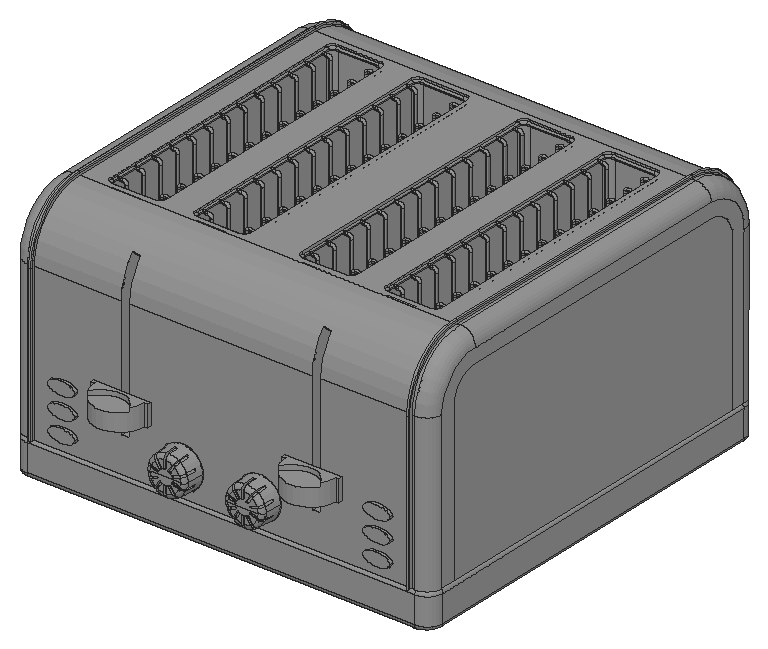
Revit family "Toaster", category Generic Models, Revit 2014
Parameters
  Toaster - Rack = Toaster - Rack
  Toaster - Controls = Toaster - Controls
  Toaster - Buttons = Toaster - Buttons
  Toaster - Base = Toaster - Base
  Toaster = Toaster
Reference planes
  plane 1 "Center (Front/Back)": y = 0
  plane 2: z = 0
  plane 3 "Center (Left/Right)": x = 0
  plane 4: z = 30
  plane 5: z = 5
Forms (mm)
  Extrusion 1, solid, material "Toaster" <- "Toaster"
    sketch origin (0, 0, 0) x (0, 1, 0) y (0, 0, 1)
      loop
        line (-144, 30) -> (144, 30) -> (144, 140)
        arc (144, 140) -> (132.284, 168.284) -> (104, 180) r 40
        line (104, 180) -> (-104, 180)
        arc (-104, 180) -> (-132.284, 168.284) -> (-144, 140) r 40
        line (-144, 140) -> (-144, 30)
    from 0 to 265
  Sweep 2, solid, material "Toaster" <- "Toaster"
    path in 3D
      loop
        line (0, -144, 30) -> (0, -144, 140)
        arc (0, -144, 140) -> (0, -132.284, 168.284) -> (0, -104, 180) r 40
        line (0, -104, 180) -> (0, 104, 180)
        arc (0, 104, 180) -> (0, 132.284, 168.284) -> (0, 144, 140) r 40
        line (0, 144, 140) -> (0, 144, 30)
    profile origin (0, 144, 85) x (-1, 0, 0) y (0, -1, 0)
      loop
        line (1.876, 0) -> (4.4, 0)
        arc (4.4, 0) -> (11.9, 3.107) -> (15.007, 10.607) r 10.607
        line (15.007, 10.607) -> (15.007, 20.607) -> (0, 20.607) -> (0, -1.011)
        arc (0, -1.011) -> (0.062, -1.577) -> (0.246, -2.117) r 2.611
        arc (0.246, -2.117) -> (0.938, -2.557) -> (1.63, -2.117) r 0.764
        arc (1.63, -2.117) -> (1.814, -1.577) -> (1.876, -1.011) r 2.611
        line (1.876, -1.011) -> (1.876, 0)
  Extrusion 3, solid, material "Toaster" <- "Toaster"
    sketch origin (0, 0, 0) x (0, 1, 0) y (0, 0, 1)
      loop
        arc (123.393, 140) -> (117.713, 153.713) -> (104, 159.393) r 19.393
        line (104, 159.393) -> (-104, 159.393)
        arc (-104, 159.393) -> (-117.713, 153.713) -> (-123.393, 140) r 19.393
        line (-123.393, 140) -> (-123.393, 30) -> (123.393, 30) -> (123.393, 140)
    from 0 to -15
  Sweep 4, solid, material "Toaster" <- "Toaster"
    path in 3D
      loop
        line (265, -144, 30) -> (265, -144, 140)
        arc (265, -144, 140) -> (265, -132.284, 168.284) -> (265, -104, 180) r 40
        line (265, -104, 180) -> (265, 104, 180)
        arc (265, 104, 180) -> (265, 132.284, 168.284) -> (265, 144, 140) r 40
        line (265, 144, 140) -> (265, 144, 30)
    profile origin (265, 144, 85) x (1, 0, 0) y (0, 1, 0)
      loop
        line (1.876, 0) -> (1.876, 1.011)
        arc (1.876, 1.011) -> (1.814, 1.577) -> (1.63, 2.117) r 2.611
        arc (1.63, 2.117) -> (0.938, 2.557) -> (0.246, 2.117) r 0.764
        arc (0.246, 2.117) -> (0.062, 1.577) -> (0, 1.011) r 2.611
        line (0, 1.011) -> (0, -20.607) -> (15.007, -20.607) -> (15.007, -10.607)
        arc (15.007, -10.607) -> (11.9, -3.107) -> (4.4, 0) r 10.607
        line (4.4, 0) -> (1.876, 0)
  Extrusion 5, solid, material "Toaster" <- "Toaster"
    sketch origin (265, 0, 0) x (0, 1, 0) y (0, 0, -1)
      loop
        line (123.393, -140) -> (123.393, -30) -> (-123.393, -30) -> (-123.393, -140)
        arc (-123.393, -140) -> (-117.713, -153.713) -> (-104, -159.393) r 19.393
        line (-104, -159.393) -> (104, -159.393)
        arc (104, -159.393) -> (117.713, -153.713) -> (123.393, -140) r 19.393
    from 0 to -15
  Sweep 6, solid, material "Toaster - Base" <- "Toaster - Base"
    path origin (0, 0, 0) x (1, 0, 0) y (0, 1, 0)
      loop
        arc (-4.4, 144) -> (-11.9, 140.893) -> (-15.007, 133.393) r 10.607
        line (-15.007, 133.393) -> (-15.007, -133.393)
        arc (-15.007, -133.393) -> (-11.9, -140.893) -> (-4.4, -144) r 10.607
        line (-4.4, -144) -> (269.4, -144)
        arc (269.4, -144) -> (277.031, -140.76) -> (280, -133.019) r 10.607
        line (280, -133.019) -> (280, 133.019)
        arc (280, 133.019) -> (277.031, 140.76) -> (269.4, 144) r 10.607
        line (269.4, 144) -> (-4.4, 144)
    profile origin (132.5, 144, 0) x (0, 1, 0) y (0, 0, 1)
      loop
        arc (-2.465, 5) -> (-0.722, 5.722) -> (0, 7.465) r 2.465
        line (0, 7.465) -> (0, 26.504)
        arc (0, 26.504) -> (-0.731, 28.269) -> (-2.496, 29) r 2.496
        line (-2.496, 29) -> (-5.607, 29) -> (-5.607, 5) -> (-2.465, 5)
  Extrusion 7, void
    sketch origin (0, 0, 0) x (1, 0, 0) y (0, 1, 0)
      loop
        line (15, 95) -> (15, -95)
        arc (15, -95) -> (16.464, -98.536) -> (20, -100) r 5
        line (20, -100) -> (50, -100)
        arc (50, -100) -> (53.536, -98.536) -> (55, -95) r 5
        line (55, -95) -> (55, 95)
        arc (55, 95) -> (53.536, 98.536) -> (50, 100) r 5
        line (50, 100) -> (20, 100)
        arc (20, 100) -> (16.464, 98.536) -> (15, 95) r 5
      loop
        line (75, 95) -> (75, -95)
        arc (75, -95) -> (76.464, -98.536) -> (80, -100) r 5
        line (80, -100) -> (110, -100)
        arc (110, -100) -> (113.536, -98.536) -> (115, -95) r 5
        line (115, -95) -> (115, 95)
        arc (115, 95) -> (113.536, 98.536) -> (110, 100) r 5
        line (110, 100) -> (80, 100)
        arc (80, 100) -> (76.464, 98.536) -> (75, 95) r 5
      loop
        arc (250, 95) -> (248.536, 98.536) -> (245, 100) r 5
        line (245, 100) -> (215, 100)
        arc (215, 100) -> (211.464, 98.536) -> (210, 95) r 5
        line (210, 95) -> (210, -95)
        arc (210, -95) -> (211.464, -98.536) -> (215, -100) r 5
        line (215, -100) -> (245, -100)
        arc (245, -100) -> (248.536, -98.536) -> (250, -95) r 5
        line (250, -95) -> (250, 95)
      loop
        arc (190, 95) -> (188.536, 98.536) -> (185, 100) r 5
        line (185, 100) -> (155, 100)
        arc (155, 100) -> (151.464, 98.536) -> (150, 95) r 5
        line (150, 95) -> (150, -95)
        arc (150, -95) -> (151.464, -98.536) -> (155, -100) r 5
        line (155, -100) -> (185, -100)
        arc (185, -100) -> (188.536, -98.536) -> (190, -95) r 5
        line (190, -95) -> (190, 95)
    from 60 to 190
  Sweep 8, solid, material "Toaster - Rack" <- "Toaster - Rack"
    path in 3D
      loop
        arc (15, 95, 180) -> (16.464, 98.536, 180) -> (20, 100, 180) r 5
        line (20, 100, 180) -> (50, 100, 180)
        arc (50, 100, 180) -> (53.536, 98.536, 180) -> (55, 95, 180) r 5
        line (55, 95, 180) -> (55, -95, 180)
        arc (55, -95, 180) -> (53.536, -98.536, 180) -> (50, -100, 180) r 5
        line (50, -100, 180) -> (20, -100, 180)
        arc (20, -100, 180) -> (16.464, -98.536, 180) -> (15, -95, 180) r 5
        line (15, -95, 180) -> (15, 95, 180)
    profile origin (15, 0, 180) x (-1, 0, 0) y (0, 0, 1)
      loop
        circle (-1.014, -2.027) r 1.014
  Sweep 9, solid, material "Toaster - Rack" <- "Toaster - Rack"
    path origin (0, 0, 0) x (1, 0, 0) y (0, 0, 1)
      loop
        line (16.49, 177.962) -> (20.5, 177.962)
        arc (20.5, 177.962) -> (21.914, 177.376) -> (22.5, 175.962) r 2
        line (22.5, 175.962) -> (22.5, 82.962)
        arc (22.5, 82.962) -> (23.964, 79.427) -> (27.5, 77.962) r 5
        line (27.5, 77.962) -> (42.5, 77.962)
        arc (42.5, 77.962) -> (46.036, 79.427) -> (47.5, 82.962) r 5
        line (47.5, 82.962) -> (47.5, 175.949)
        arc (47.5, 175.949) -> (48.09, 177.373) -> (49.513, 177.962) r 2.013
        line (49.513, 177.962) -> (53.538, 177.962)
    profile origin (18.495, 0, 177.962) x (0, 0, 1) y (0, -1, 0)
      loop
        circle (0, 0) r 0.859
  Sweep 10, solid, material "Toaster - Rack" <- "Toaster - Rack"
    path origin (0, -15.029, 0) x (1, 0, 0) y (0, 0, 1)
      loop
        line (16.49, 177.962) -> (20.5, 177.962)
        arc (20.5, 177.962) -> (21.914, 177.376) -> (22.5, 175.962) r 2
        line (22.5, 175.962) -> (22.5, 82.962)
        arc (22.5, 82.962) -> (23.964, 79.427) -> (27.5, 77.962) r 5
        line (27.5, 77.962) -> (42.5, 77.962)
        arc (42.5, 77.962) -> (46.036, 79.427) -> (47.5, 82.962) r 5
        line (47.5, 82.962) -> (47.5, 175.949)
        arc (47.5, 175.949) -> (48.09, 177.373) -> (49.513, 177.962) r 2.013
        line (49.513, 177.962) -> (53.538, 177.962)
    profile origin (18.495, -15.029, 177.962) x (0, 0, 1) y (0, -1, 0)
      loop
        circle (0, 0) r 0.859
  Sweep 11, solid, material "Toaster - Rack" <- "Toaster - Rack"
    path origin (0, -30.059, 0) x (1, 0, 0) y (0, 0, 1)
      loop
        line (16.49, 177.962) -> (20.5, 177.962)
        arc (20.5, 177.962) -> (21.914, 177.376) -> (22.5, 175.962) r 2
        line (22.5, 175.962) -> (22.5, 82.962)
        arc (22.5, 82.962) -> (23.964, 79.427) -> (27.5, 77.962) r 5
        line (27.5, 77.962) -> (42.5, 77.962)
        arc (42.5, 77.962) -> (46.036, 79.427) -> (47.5, 82.962) r 5
        line (47.5, 82.962) -> (47.5, 175.949)
        arc (47.5, 175.949) -> (48.09, 177.373) -> (49.513, 177.962) r 2.013
        line (49.513, 177.962) -> (53.538, 177.962)
    profile origin (18.495, -30.059, 177.962) x (0, 0, 1) y (0, -1, 0)
      loop
        circle (0, 0) r 0.859
  Sweep 12, solid, material "Toaster - Rack" <- "Toaster - Rack"
    path origin (0, -45.088, 0) x (1, 0, 0) y (0, 0, 1)
      loop
        line (16.49, 177.962) -> (20.5, 177.962)
        arc (20.5, 177.962) -> (21.914, 177.376) -> (22.5, 175.962) r 2
        line (22.5, 175.962) -> (22.5, 82.962)
        arc (22.5, 82.962) -> (23.964, 79.427) -> (27.5, 77.962) r 5
        line (27.5, 77.962) -> (42.5, 77.962)
        arc (42.5, 77.962) -> (46.036, 79.427) -> (47.5, 82.962) r 5
        line (47.5, 82.962) -> (47.5, 175.949)
        arc (47.5, 175.949) -> (48.09, 177.373) -> (49.513, 177.962) r 2.013
        line (49.513, 177.962) -> (53.538, 177.962)
    profile origin (18.495, -45.088, 177.962) x (0, 0, 1) y (0, -1, 0)
      loop
        circle (0, 0) r 0.859
  Sweep 13, solid, material "Toaster - Rack" <- "Toaster - Rack"
    path origin (0, -60.117, 0) x (1, 0, 0) y (0, 0, 1)
      loop
        line (16.49, 177.962) -> (20.5, 177.962)
        arc (20.5, 177.962) -> (21.914, 177.376) -> (22.5, 175.962) r 2
        line (22.5, 175.962) -> (22.5, 82.962)
        arc (22.5, 82.962) -> (23.964, 79.427) -> (27.5, 77.962) r 5
        line (27.5, 77.962) -> (42.5, 77.962)
        arc (42.5, 77.962) -> (46.036, 79.427) -> (47.5, 82.962) r 5
        line (47.5, 82.962) -> (47.5, 175.949)
        arc (47.5, 175.949) -> (48.09, 177.373) -> (49.513, 177.962) r 2.013
        line (49.513, 177.962) -> (53.538, 177.962)
    profile origin (18.495, -60.117, 177.962) x (0, 0, 1) y (0, -1, 0)
      loop
        circle (0, 0) r 0.859
  Sweep 14, solid, material "Toaster - Rack" <- "Toaster - Rack"
    path origin (0, -75.146, 0) x (1, 0, 0) y (0, 0, 1)
      loop
        line (16.49, 177.962) -> (20.5, 177.962)
        arc (20.5, 177.962) -> (21.914, 177.376) -> (22.5, 175.962) r 2
        line (22.5, 175.962) -> (22.5, 82.962)
        arc (22.5, 82.962) -> (23.964, 79.427) -> (27.5, 77.962) r 5
        line (27.5, 77.962) -> (42.5, 77.962)
        arc (42.5, 77.962) -> (46.036, 79.427) -> (47.5, 82.962) r 5
        line (47.5, 82.962) -> (47.5, 175.949)
        arc (47.5, 175.949) -> (48.09, 177.373) -> (49.513, 177.962) r 2.013
        line (49.513, 177.962) -> (53.538, 177.962)
    profile origin (18.495, -75.146, 177.962) x (0, 0, 1) y (0, -1, 0)
      loop
        circle (0, 0) r 0.859
  Sweep 15, solid, material "Toaster - Rack" <- "Toaster - Rack"
    path origin (0, -90.176, 0) x (1, 0, 0) y (0, 0, 1)
      loop
        line (16.49, 177.962) -> (20.5, 177.962)
        arc (20.5, 177.962) -> (21.914, 177.376) -> (22.5, 175.962) r 2
        line (22.5, 175.962) -> (22.5, 82.962)
        arc (22.5, 82.962) -> (23.964, 79.427) -> (27.5, 77.962) r 5
        line (27.5, 77.962) -> (42.5, 77.962)
        arc (42.5, 77.962) -> (46.036, 79.427) -> (47.5, 82.962) r 5
        line (47.5, 82.962) -> (47.5, 175.949)
        arc (47.5, 175.949) -> (48.09, 177.373) -> (49.513, 177.962) r 2.013
        line (49.513, 177.962) -> (53.538, 177.962)
    profile origin (18.495, -90.176, 177.962) x (0, 0, 1) y (0, -1, 0)
      loop
        circle (0, 0) r 0.859
  Sweep 16, solid, material "Toaster - Rack" <- "Toaster - Rack"
    path origin (0, 15.029, 0) x (1, 0, 0) y (0, 0, -1)
      loop
        line (16.49, -177.962) -> (20.5, -177.962)
        arc (20.5, -177.962) -> (21.914, -177.376) -> (22.5, -175.962) r 2
        line (22.5, -175.962) -> (22.5, -82.962)
        arc (22.5, -82.962) -> (23.964, -79.427) -> (27.5, -77.962) r 5
        line (27.5, -77.962) -> (42.5, -77.962)
        arc (42.5, -77.962) -> (46.036, -79.427) -> (47.5, -82.962) r 5
        line (47.5, -82.962) -> (47.5, -175.949)
        arc (47.5, -175.949) -> (48.09, -177.373) -> (49.513, -177.962) r 2.013
        line (49.513, -177.962) -> (53.538, -177.962)
    profile origin (18.495, 15.029, 177.962) x (0, 0, -1) y (0, 1, 0)
      loop
        circle (0, 0) r 0.859
  Sweep 17, solid, material "Toaster - Rack" <- "Toaster - Rack"
    path origin (0, 30.059, 0) x (1, 0, 0) y (0, 0, -1)
      loop
        line (16.49, -177.962) -> (20.5, -177.962)
        arc (20.5, -177.962) -> (21.914, -177.376) -> (22.5, -175.962) r 2
        line (22.5, -175.962) -> (22.5, -82.962)
        arc (22.5, -82.962) -> (23.964, -79.427) -> (27.5, -77.962) r 5
        line (27.5, -77.962) -> (42.5, -77.962)
        arc (42.5, -77.962) -> (46.036, -79.427) -> (47.5, -82.962) r 5
        line (47.5, -82.962) -> (47.5, -175.949)
        arc (47.5, -175.949) -> (48.09, -177.373) -> (49.513, -177.962) r 2.013
        line (49.513, -177.962) -> (53.538, -177.962)
    profile origin (18.495, 30.059, 177.962) x (0, 0, -1) y (0, 1, 0)
      loop
        circle (0, 0) r 0.859
  Sweep 18, solid, material "Toaster - Rack" <- "Toaster - Rack"
    path origin (0, 45.088, 0) x (1, 0, 0) y (0, 0, -1)
      loop
        line (16.49, -177.962) -> (20.5, -177.962)
        arc (20.5, -177.962) -> (21.914, -177.376) -> (22.5, -175.962) r 2
        line (22.5, -175.962) -> (22.5, -82.962)
        arc (22.5, -82.962) -> (23.964, -79.427) -> (27.5, -77.962) r 5
        line (27.5, -77.962) -> (42.5, -77.962)
        arc (42.5, -77.962) -> (46.036, -79.427) -> (47.5, -82.962) r 5
        line (47.5, -82.962) -> (47.5, -175.949)
        arc (47.5, -175.949) -> (48.09, -177.373) -> (49.513, -177.962) r 2.013
        line (49.513, -177.962) -> (53.538, -177.962)
    profile origin (18.495, 45.088, 177.962) x (0, 0, -1) y (0, 1, 0)
      loop
        circle (0, 0) r 0.859
  Sweep 19, solid, material "Toaster - Rack" <- "Toaster - Rack"
    path origin (0, 60.117, 0) x (1, 0, 0) y (0, 0, -1)
      loop
        line (16.49, -177.962) -> (20.5, -177.962)
        arc (20.5, -177.962) -> (21.914, -177.376) -> (22.5, -175.962) r 2
        line (22.5, -175.962) -> (22.5, -82.962)
        arc (22.5, -82.962) -> (23.964, -79.427) -> (27.5, -77.962) r 5
        line (27.5, -77.962) -> (42.5, -77.962)
        arc (42.5, -77.962) -> (46.036, -79.427) -> (47.5, -82.962) r 5
        line (47.5, -82.962) -> (47.5, -175.949)
        arc (47.5, -175.949) -> (48.09, -177.373) -> (49.513, -177.962) r 2.013
        line (49.513, -177.962) -> (53.538, -177.962)
    profile origin (18.495, 60.117, 177.962) x (0, 0, -1) y (0, 1, 0)
      loop
        circle (0, 0) r 0.859
  Sweep 20, solid, material "Toaster - Rack" <- "Toaster - Rack"
    path origin (0, 75.146, 0) x (1, 0, 0) y (0, 0, -1)
      loop
        line (16.49, -177.962) -> (20.5, -177.962)
        arc (20.5, -177.962) -> (21.914, -177.376) -> (22.5, -175.962) r 2
        line (22.5, -175.962) -> (22.5, -82.962)
        arc (22.5, -82.962) -> (23.964, -79.427) -> (27.5, -77.962) r 5
        line (27.5, -77.962) -> (42.5, -77.962)
        arc (42.5, -77.962) -> (46.036, -79.427) -> (47.5, -82.962) r 5
        line (47.5, -82.962) -> (47.5, -175.949)
        arc (47.5, -175.949) -> (48.09, -177.373) -> (49.513, -177.962) r 2.013
        line (49.513, -177.962) -> (53.538, -177.962)
    profile origin (18.495, 75.146, 177.962) x (0, 0, -1) y (0, 1, 0)
      loop
        circle (0, 0) r 0.859
  Sweep 21, solid, material "Toaster - Rack" <- "Toaster - Rack"
    path origin (0, 90.176, 0) x (1, 0, 0) y (0, 0, -1)
      loop
        line (16.49, -177.962) -> (20.5, -177.962)
        arc (20.5, -177.962) -> (21.914, -177.376) -> (22.5, -175.962) r 2
        line (22.5, -175.962) -> (22.5, -82.962)
        arc (22.5, -82.962) -> (23.964, -79.427) -> (27.5, -77.962) r 5
        line (27.5, -77.962) -> (42.5, -77.962)
        arc (42.5, -77.962) -> (46.036, -79.427) -> (47.5, -82.962) r 5
        line (47.5, -82.962) -> (47.5, -175.949)
        arc (47.5, -175.949) -> (48.09, -177.373) -> (49.513, -177.962) r 2.013
        line (49.513, -177.962) -> (53.538, -177.962)
    profile origin (18.495, 90.176, 177.962) x (0, 0, -1) y (0, 1, 0)
      loop
        circle (0, 0) r 0.859
  Sweep 22, solid, material "Toaster - Rack" <- "Toaster - Rack"
    path in 3D
      loop
        arc (75, 95, 180) -> (76.464, 98.536, 180) -> (80, 100, 180) r 5
        line (80, 100, 180) -> (110, 100, 180)
        arc (110, 100, 180) -> (113.536, 98.536, 180) -> (115, 95, 180) r 5
        line (115, 95, 180) -> (115, -95, 180)
        arc (115, -95, 180) -> (113.536, -98.536, 180) -> (110, -100, 180) r 5
        line (110, -100, 180) -> (80, -100, 180)
        arc (80, -100, 180) -> (76.464, -98.536, 180) -> (75, -95, 180) r 5
        line (75, -95, 180) -> (75, 95, 180)
    profile origin (75, 0, 180) x (-1, 0, 0) y (0, 0, 1)
      loop
        circle (-1.014, -2.027) r 1.014
  Sweep 23, solid, material "Toaster - Rack" <- "Toaster - Rack"
    path in 3D
      loop
        arc (150, 95, 180) -> (151.464, 98.536, 180) -> (155, 100, 180) r 5
        line (155, 100, 180) -> (185, 100, 180)
        arc (185, 100, 180) -> (188.536, 98.536, 180) -> (190, 95, 180) r 5
        line (190, 95, 180) -> (190, -95, 180)
        arc (190, -95, 180) -> (188.536, -98.536, 180) -> (185, -100, 180) r 5
        line (185, -100, 180) -> (155, -100, 180)
        arc (155, -100, 180) -> (151.464, -98.536, 180) -> (150, -95, 180) r 5
        line (150, -95, 180) -> (150, 95, 180)
    profile origin (150, 0, 180) x (-1, 0, 0) y (0, 0, 1)
      loop
        circle (-1.014, -2.027) r 1.014
  Sweep 24, solid, material "Toaster - Rack" <- "Toaster - Rack"
    path in 3D
      loop
        arc (210, 95, 180) -> (211.464, 98.536, 180) -> (215, 100, 180) r 5
        line (215, 100, 180) -> (245, 100, 180)
        arc (245, 100, 180) -> (248.536, 98.536, 180) -> (250, 95, 180) r 5
        line (250, 95, 180) -> (250, -95, 180)
        arc (250, -95, 180) -> (248.536, -98.536, 180) -> (245, -100, 180) r 5
        line (245, -100, 180) -> (215, -100, 180)
        arc (215, -100, 180) -> (211.464, -98.536, 180) -> (210, -95, 180) r 5
        line (210, -95, 180) -> (210, 95, 180)
    profile origin (210, 0, 180) x (-1, 0, 0) y (0, 0, 1)
      loop
        circle (-1.014, -2.027) r 1.014
  Extrusion 25, void
    sketch origin (65, 0, 0) x (0, 1, 0) y (0, 0, 1)
      loop
        line (-144, 140) -> (-144, 55) -> (-129, 55) -> (-129, 140)
        arc (-129, 140) -> (-127.403, 148.791) -> (-122.817, 156.459) r 25
        line (-122.817, 156.459) -> (-134.108, 166.335)
        arc (-134.108, 166.335) -> (-141.445, 154.066) -> (-144, 140) r 40
    from -3 to 3
  Extrusion 26, void
    sketch origin (200, 0, 0) x (0, 1, 0) y (0, 0, 1)
      loop
        line (-144, 140) -> (-144, 55) -> (-129, 55) -> (-129, 140)
        arc (-129, 140) -> (-127.403, 148.791) -> (-122.817, 156.459) r 25
        line (-122.817, 156.459) -> (-134.108, 166.335)
        arc (-134.108, 166.335) -> (-141.445, 154.066) -> (-144, 140) r 40
    from -3 to 3
  Extrusion 27, solid, material "Toaster - Controls" <- "Toaster - Controls"
    sketch origin (0.963, 5.606, 70) x (1, 0, 0) y (0, 1, 0)
      loop
        line (44.037, -152.617) -> (44.037, -155.072) -> (46.5, -155.072)
        arc (46.5, -155.072) -> (64.019, -172.591) -> (81.537, -155.072) r 17.519
        line (81.537, -155.072) -> (84.037, -155.072) -> (84.037, -152.617) -> (44.037, -152.617)
    from 0 to 15
  Extrusion 28, void
    sketch origin (0, 0, 0) x (1, 0, 0) y (0, 1, 0)
      loop
        arc (50.128, -158.755) -> (64.981, -166.985) -> (79.834, -158.755) r 17.519
        arc (79.834, -158.755) -> (64.981, -149.466) -> (50.128, -158.755) r 16.52
    from 82 to 85
  Extrusion 29, solid, material "Toaster - Controls" <- "Toaster - Controls"
    sketch origin (135.963, 5.606, 70) x (1, 0, 0) y (0, 1, 0)
      loop
        line (44.037, -152.617) -> (44.037, -155.072) -> (46.5, -155.072)
        arc (46.5, -155.072) -> (64.019, -172.591) -> (81.537, -155.072) r 17.519
        line (81.537, -155.072) -> (84.037, -155.072) -> (84.037, -152.617) -> (44.037, -152.617)
    from 0 to 15
  Extrusion 30, void
    sketch origin (135, 0, 0) x (1, 0, 0) y (0, 1, 0)
      loop
        arc (50.128, -158.755) -> (64.981, -166.985) -> (79.834, -158.755) r 17.519
        arc (79.834, -158.755) -> (64.981, -149.466) -> (50.128, -158.755) r 16.52
    from 82 to 85
  Sweep 31, solid, material "Toaster - Controls" <- "Toaster - Controls"
    path origin (65, 0, 0) x (0, 1, 0) y (0, 0, 1)
      loop
        line (-147.011, 77.5) -> (-132.011, 77.5)
    profile origin (65, -139.511, 77.5) x (0, 0, 1) y (1, 0, 0)
      loop
        circle (0, 0) r 2
  Sweep 32, solid, material "Toaster - Controls" <- "Toaster - Controls"
    path origin (200, 0, 0) x (0, 1, 0) y (0, 0, 1)
      loop
        line (-147.011, 77.5) -> (-132.011, 77.5)
    profile origin (200, -139.511, 77.5) x (0, 0, 1) y (1, 0, 0)
      loop
        circle (0, 0) r 2
  Extrusion 33, void
    sketch origin (0, 0, 0) x (1, 0, 0) y (0, 0, 1)
      loop
        circle (104.993, 50) r 15
    from 123.393 to 144
  Extrusion 34, void
    sketch origin (265, 0, 0) x (-1, 0, 0) y (0, 0, -1)
      loop
        circle (104.993, -50) r 15
    from 123.393 to 144
  Revolve 35, solid, material "Toaster - Controls" <- "Toaster - Controls"
    sketch origin (0, 0, 50) x (1, 0, 0) y (0, 1, 0)
      loop
        line (90.493, -124) -> (90.493, -144) -> (91.348, -156.217)
        arc (91.348, -156.217) -> (92.279, -158.17) -> (94.293, -158.963) r 2.953
        line (94.293, -158.963) -> (104.993, -158.963) -> (104.993, -124) -> (90.493, -124)
      axis (104.993, -124) -> (104.993, -158.963)
    angle from 0 to 360
  Extrusion 36, void
    sketch origin (0, 0, 0) x (0, 1, 0) y (0, 0, 1)
      loop
        line (-148.988, 63.568) -> (-148.988, 65.138) -> (-160.029, 65.138) -> (-160.029, 55) -> (-158.382, 55) -> (-157.772, 59.969)
        arc (-157.772, 59.969) -> (-156.954, 61.686) -> (-155.268, 62.566) r 3
        line (-155.268, 62.566) -> (-148.988, 63.568)
    from 104 to 106
  Extrusion 37, void
    sketch origin (47.667, 0, 151.179) x (0, 1, 0) y (0.573576, 0, 0.819152)
      loop
        line (-148.988, -63.568) -> (-155.268, -62.566)
        arc (-155.268, -62.566) -> (-156.954, -61.686) -> (-157.772, -59.969) r 3
        line (-157.772, -59.969) -> (-158.382, -55) -> (-160.029, -55) -> (-160.029, -65.138) -> (-148.988, -65.138) -> (-148.988, -63.568)
    from 104 to 106
  Extrusion 38, void
    sketch origin (162.32, 0, 151.179) x (0, 1, 0) y (0.573576, 0, -0.819152)
      loop
        line (-148.988, 63.568) -> (-148.988, 65.138) -> (-160.029, 65.138) -> (-160.029, 55) -> (-158.382, 55) -> (-157.772, 59.969)
        arc (-157.772, 59.969) -> (-156.954, 61.686) -> (-155.268, 62.566) r 3
        line (-155.268, 62.566) -> (-148.988, 63.568)
    from 104 to 106
  Extrusion 39, void
    sketch origin (0, 0, 100) x (0, 1, 0) y (0, 0, 1)
      loop
        line (-148.988, -63.568) -> (-155.268, -62.566)
        arc (-155.268, -62.566) -> (-156.954, -61.686) -> (-157.772, -59.969) r 3
        line (-157.772, -59.969) -> (-158.382, -55) -> (-160.029, -55) -> (-160.029, -65.138) -> (-148.988, -65.138) -> (-148.988, -63.568)
    from 104 to 106
  Extrusion 40, void
    sketch origin (116.068, 0, -65.763) x (0, 1, 0) y (-0.939693, 0, 0.34202)
      loop
        line (-148.988, 63.568) -> (-148.988, 65.138) -> (-160.029, 65.138) -> (-160.029, 55) -> (-158.382, 55) -> (-157.772, 59.969)
        arc (-157.772, 59.969) -> (-156.954, 61.686) -> (-155.268, 62.566) r 3
        line (-155.268, 62.566) -> (-148.988, 63.568)
    from 104 to 106
  Extrusion 41, void
    sketch origin (162.32, 0, -51.179) x (0, 1, 0) y (-0.573576, 0, -0.819152)
      loop
        line (-148.988, -63.568) -> (-155.268, -62.566)
        arc (-155.268, -62.566) -> (-156.954, -61.686) -> (-157.772, -59.969) r 3
        line (-157.772, -59.969) -> (-158.382, -55) -> (-160.029, -55) -> (-160.029, -65.138) -> (-148.988, -65.138) -> (-148.988, -63.568)
    from 104 to 106
  Extrusion 42, void
    sketch origin (47.667, 0, -51.179) x (0, 1, 0) y (-0.573576, 0, 0.819152)
      loop
        line (-148.988, 63.568) -> (-148.988, 65.138) -> (-160.029, 65.138) -> (-160.029, 55) -> (-158.382, 55) -> (-157.772, 59.969)
        arc (-157.772, 59.969) -> (-156.954, 61.686) -> (-155.268, 62.566) r 3
        line (-155.268, 62.566) -> (-148.988, 63.568)
    from 104 to 106
  Extrusion 43, void
    sketch origin (93.919, 0, -65.763) x (0, 1, 0) y (-0.939693, 0, -0.34202)
      loop
        line (-148.988, -63.568) -> (-155.268, -62.566)
        arc (-155.268, -62.566) -> (-156.954, -61.686) -> (-157.772, -59.969) r 3
        line (-157.772, -59.969) -> (-158.382, -55) -> (-160.029, -55) -> (-160.029, -65.138) -> (-148.988, -65.138) -> (-148.988, -63.568)
    from 104 to 106
  Extrusion 44, void
    sketch origin (116.068, 0, 165.763) x (0, 1, 0) y (0.939693, 0, 0.34202)
      loop
        line (-148.988, -63.568) -> (-155.268, -62.566)
        arc (-155.268, -62.566) -> (-156.954, -61.686) -> (-157.772, -59.969) r 3
        line (-157.772, -59.969) -> (-158.382, -55) -> (-160.029, -55) -> (-160.029, -65.138) -> (-148.988, -65.138) -> (-148.988, -63.568)
    from 104 to 106
  Extrusion 45, void
    sketch origin (93.919, 0, 165.763) x (0, 1, 0) y (0.939693, 0, -0.34202)
      loop
        line (-148.988, 63.568) -> (-148.988, 65.138) -> (-160.029, 65.138) -> (-160.029, 55) -> (-158.382, 55) -> (-157.772, 59.969)
        arc (-157.772, 59.969) -> (-156.954, 61.686) -> (-155.268, 62.566) r 3
        line (-155.268, 62.566) -> (-148.988, 63.568)
    from 104 to 106
  Revolve 46, solid, material "Toaster - Controls" <- "Toaster - Controls"
    sketch origin (55.013, 0, 50) x (1, 0, 0) y (0, 1, 0)
      loop
        line (90.493, -124) -> (90.493, -144) -> (91.348, -156.217)
        arc (91.348, -156.217) -> (92.279, -158.17) -> (94.293, -158.963) r 2.953
        line (94.293, -158.963) -> (104.993, -158.963) -> (104.993, -124) -> (90.493, -124)
      axis (104.993, -124) -> (104.993, -158.963)
    angle from 0 to 360
  Extrusion 47, void
    sketch origin (55.013, 0, 0) x (0, 1, 0) y (0, 0, 1)
      loop
        line (-148.988, 63.568) -> (-148.988, 65.138) -> (-160.029, 65.138) -> (-160.029, 55) -> (-158.382, 55) -> (-157.772, 59.969)
        arc (-157.772, 59.969) -> (-156.954, 61.686) -> (-155.268, 62.566) r 3
        line (-155.268, 62.566) -> (-148.988, 63.568)
    from 104 to 106
  Extrusion 48, void
    sketch origin (217.333, 0, 151.179) x (0, 1, 0) y (0.573576, 0, -0.819152)
      loop
        line (-148.988, 63.568) -> (-148.988, 65.138) -> (-160.029, 65.138) -> (-160.029, 55) -> (-158.382, 55) -> (-157.772, 59.969)
        arc (-157.772, 59.969) -> (-156.954, 61.686) -> (-155.268, 62.566) r 3
        line (-155.268, 62.566) -> (-148.988, 63.568)
    from 104 to 106
  Extrusion 49, void
    sketch origin (242.906, 0, -31.573) x (0, 1, 0) y (-0.939693, 0, -0.34202)
      loop
        line (-148.988, 63.568) -> (-148.988, 65.138) -> (-160.029, 65.138) -> (-160.029, 55) -> (-158.382, 55) -> (-157.772, 59.969)
        arc (-157.772, 59.969) -> (-156.954, 61.686) -> (-155.268, 62.566) r 3
        line (-155.268, 62.566) -> (-148.988, 63.568)
    from 104 to 106
  Extrusion 50, void
    sketch origin (171.081, 0, -65.763) x (0, 1, 0) y (-0.939693, 0, 0.34202)
      loop
        line (-148.988, 63.568) -> (-148.988, 65.138) -> (-160.029, 65.138) -> (-160.029, 55) -> (-158.382, 55) -> (-157.772, 59.969)
        arc (-157.772, 59.969) -> (-156.954, 61.686) -> (-155.268, 62.566) r 3
        line (-155.268, 62.566) -> (-148.988, 63.568)
    from 104 to 106
  Extrusion 51, void
    sketch origin (102.68, 0, -51.179) x (0, 1, 0) y (-0.573576, 0, 0.819152)
      loop
        line (-148.988, 63.568) -> (-148.988, 65.138) -> (-160.029, 65.138) -> (-160.029, 55) -> (-158.382, 55) -> (-157.772, 59.969)
        arc (-157.772, 59.969) -> (-156.954, 61.686) -> (-155.268, 62.566) r 3
        line (-155.268, 62.566) -> (-148.988, 63.568)
    from 104 to 106
  Extrusion 52, void
    sketch origin (102.693, 0, 151.179) x (0, 1, 0) y (0.573576, 0, 0.819152)
      loop
        line (-148.988, -63.568) -> (-155.268, -62.566)
        arc (-155.268, -62.566) -> (-156.954, -61.686) -> (-157.772, -59.969) r 3
        line (-157.772, -59.969) -> (-158.382, -55) -> (-160.029, -55) -> (-160.029, -65.138) -> (-148.988, -65.138) -> (-148.988, -63.568)
    from 104 to 106
  Extrusion 53, void
    sketch origin (77.108, 0, -31.573) x (0, 1, 0) y (-0.939693, 0, 0.34202)
      loop
        line (-148.988, -63.568) -> (-155.268, -62.566)
        arc (-155.268, -62.566) -> (-156.954, -61.686) -> (-157.772, -59.969) r 3
        line (-157.772, -59.969) -> (-158.382, -55) -> (-160.029, -55) -> (-160.029, -65.138) -> (-148.988, -65.138) -> (-148.988, -63.568)
    from 104 to 106
  Extrusion 54, void
    sketch origin (148.932, 0, -65.763) x (0, 1, 0) y (-0.939693, 0, -0.34202)
      loop
        line (-148.988, -63.568) -> (-155.268, -62.566)
        arc (-155.268, -62.566) -> (-156.954, -61.686) -> (-157.772, -59.969) r 3
        line (-157.772, -59.969) -> (-158.382, -55) -> (-160.029, -55) -> (-160.029, -65.138) -> (-148.988, -65.138) -> (-148.988, -63.568)
    from 104 to 106
  Extrusion 55, void
    sketch origin (217.333, 0, -51.179) x (0, 1, 0) y (-0.573576, 0, -0.819152)
      loop
        line (-148.988, -63.568) -> (-155.268, -62.566)
        arc (-155.268, -62.566) -> (-156.954, -61.686) -> (-157.772, -59.969) r 3
        line (-157.772, -59.969) -> (-158.382, -55) -> (-160.029, -55) -> (-160.029, -65.138) -> (-148.988, -65.138) -> (-148.988, -63.568)
    from 104 to 106
  Extrusion 56, void
    sketch origin (55.013, 0, 100) x (0, 1, 0) y (0, 0, 1)
      loop
        line (-148.988, -63.568) -> (-155.268, -62.566)
        arc (-155.268, -62.566) -> (-156.954, -61.686) -> (-157.772, -59.969) r 3
        line (-157.772, -59.969) -> (-158.382, -55) -> (-160.029, -55) -> (-160.029, -65.138) -> (-148.988, -65.138) -> (-148.988, -63.568)
    from 104 to 106
  Sweep 57, solid, material "Toaster - Rack" <- "Toaster - Rack"
    path origin (60, 0, 0) x (1, 0, 0) y (0, 0, 1)
      loop
        line (16.49, 177.962) -> (20.5, 177.962)
        arc (20.5, 177.962) -> (21.914, 177.376) -> (22.5, 175.962) r 2
        line (22.5, 175.962) -> (22.5, 82.962)
        arc (22.5, 82.962) -> (23.964, 79.427) -> (27.5, 77.962) r 5
        line (27.5, 77.962) -> (42.5, 77.962)
        arc (42.5, 77.962) -> (46.036, 79.427) -> (47.5, 82.962) r 5
        line (47.5, 82.962) -> (47.5, 175.949)
        arc (47.5, 175.949) -> (48.09, 177.373) -> (49.513, 177.962) r 2.013
        line (49.513, 177.962) -> (53.538, 177.962)
    profile origin (78.495, 0, 177.962) x (0, 0, 1) y (0, -1, 0)
      loop
        circle (0, 0) r 0.859
  Sweep 58, solid, material "Toaster - Rack" <- "Toaster - Rack"
    path origin (60, -15.029, 0) x (1, 0, 0) y (0, 0, 1)
      loop
        line (16.49, 177.962) -> (20.5, 177.962)
        arc (20.5, 177.962) -> (21.914, 177.376) -> (22.5, 175.962) r 2
        line (22.5, 175.962) -> (22.5, 82.962)
        arc (22.5, 82.962) -> (23.964, 79.427) -> (27.5, 77.962) r 5
        line (27.5, 77.962) -> (42.5, 77.962)
        arc (42.5, 77.962) -> (46.036, 79.427) -> (47.5, 82.962) r 5
        line (47.5, 82.962) -> (47.5, 175.949)
        arc (47.5, 175.949) -> (48.09, 177.373) -> (49.513, 177.962) r 2.013
        line (49.513, 177.962) -> (53.538, 177.962)
    profile origin (78.495, -15.029, 177.962) x (0, 0, 1) y (0, -1, 0)
      loop
        circle (0, 0) r 0.859
  Sweep 59, solid, material "Toaster - Rack" <- "Toaster - Rack"
    path origin (60, -30.059, 0) x (1, 0, 0) y (0, 0, 1)
      loop
        line (16.49, 177.962) -> (20.5, 177.962)
        arc (20.5, 177.962) -> (21.914, 177.376) -> (22.5, 175.962) r 2
        line (22.5, 175.962) -> (22.5, 82.962)
        arc (22.5, 82.962) -> (23.964, 79.427) -> (27.5, 77.962) r 5
        line (27.5, 77.962) -> (42.5, 77.962)
        arc (42.5, 77.962) -> (46.036, 79.427) -> (47.5, 82.962) r 5
        line (47.5, 82.962) -> (47.5, 175.949)
        arc (47.5, 175.949) -> (48.09, 177.373) -> (49.513, 177.962) r 2.013
        line (49.513, 177.962) -> (53.538, 177.962)
    profile origin (78.495, -30.059, 177.962) x (0, 0, 1) y (0, -1, 0)
      loop
        circle (0, 0) r 0.859
  Sweep 60, solid, material "Toaster - Rack" <- "Toaster - Rack"
    path origin (60, -45.088, 0) x (1, 0, 0) y (0, 0, 1)
      loop
        line (16.49, 177.962) -> (20.5, 177.962)
        arc (20.5, 177.962) -> (21.914, 177.376) -> (22.5, 175.962) r 2
        line (22.5, 175.962) -> (22.5, 82.962)
        arc (22.5, 82.962) -> (23.964, 79.427) -> (27.5, 77.962) r 5
        line (27.5, 77.962) -> (42.5, 77.962)
        arc (42.5, 77.962) -> (46.036, 79.427) -> (47.5, 82.962) r 5
        line (47.5, 82.962) -> (47.5, 175.949)
        arc (47.5, 175.949) -> (48.09, 177.373) -> (49.513, 177.962) r 2.013
        line (49.513, 177.962) -> (53.538, 177.962)
    profile origin (78.495, -45.088, 177.962) x (0, 0, 1) y (0, -1, 0)
      loop
        circle (0, 0) r 0.859
  Sweep 61, solid, material "Toaster - Rack" <- "Toaster - Rack"
    path origin (60, -60.117, 0) x (1, 0, 0) y (0, 0, 1)
      loop
        line (16.49, 177.962) -> (20.5, 177.962)
        arc (20.5, 177.962) -> (21.914, 177.376) -> (22.5, 175.962) r 2
        line (22.5, 175.962) -> (22.5, 82.962)
        arc (22.5, 82.962) -> (23.964, 79.427) -> (27.5, 77.962) r 5
        line (27.5, 77.962) -> (42.5, 77.962)
        arc (42.5, 77.962) -> (46.036, 79.427) -> (47.5, 82.962) r 5
        line (47.5, 82.962) -> (47.5, 175.949)
        arc (47.5, 175.949) -> (48.09, 177.373) -> (49.513, 177.962) r 2.013
        line (49.513, 177.962) -> (53.538, 177.962)
    profile origin (78.495, -60.117, 177.962) x (0, 0, 1) y (0, -1, 0)
      loop
        circle (0, 0) r 0.859
  Sweep 62, solid, material "Toaster - Rack" <- "Toaster - Rack"
    path origin (60, -75.146, 0) x (1, 0, 0) y (0, 0, 1)
      loop
        line (16.49, 177.962) -> (20.5, 177.962)
        arc (20.5, 177.962) -> (21.914, 177.376) -> (22.5, 175.962) r 2
        line (22.5, 175.962) -> (22.5, 82.962)
        arc (22.5, 82.962) -> (23.964, 79.427) -> (27.5, 77.962) r 5
        line (27.5, 77.962) -> (42.5, 77.962)
        arc (42.5, 77.962) -> (46.036, 79.427) -> (47.5, 82.962) r 5
        line (47.5, 82.962) -> (47.5, 175.949)
        arc (47.5, 175.949) -> (48.09, 177.373) -> (49.513, 177.962) r 2.013
        line (49.513, 177.962) -> (53.538, 177.962)
    profile origin (78.495, -75.146, 177.962) x (0, 0, 1) y (0, -1, 0)
      loop
        circle (0, 0) r 0.859
  Sweep 63, solid, material "Toaster - Rack" <- "Toaster - Rack"
    path origin (60, -90.176, 0) x (1, 0, 0) y (0, 0, 1)
      loop
        line (16.49, 177.962) -> (20.5, 177.962)
        arc (20.5, 177.962) -> (21.914, 177.376) -> (22.5, 175.962) r 2
        line (22.5, 175.962) -> (22.5, 82.962)
        arc (22.5, 82.962) -> (23.964, 79.427) -> (27.5, 77.962) r 5
        line (27.5, 77.962) -> (42.5, 77.962)
        arc (42.5, 77.962) -> (46.036, 79.427) -> (47.5, 82.962) r 5
        line (47.5, 82.962) -> (47.5, 175.949)
        arc (47.5, 175.949) -> (48.09, 177.373) -> (49.513, 177.962) r 2.013
        line (49.513, 177.962) -> (53.538, 177.962)
    profile origin (78.495, -90.176, 177.962) x (0, 0, 1) y (0, -1, 0)
      loop
        circle (0, 0) r 0.859
  Sweep 64, solid, material "Toaster - Rack" <- "Toaster - Rack"
    path origin (60, 15.029, 0) x (1, 0, 0) y (0, 0, -1)
      loop
        line (16.49, -177.962) -> (20.5, -177.962)
        arc (20.5, -177.962) -> (21.914, -177.376) -> (22.5, -175.962) r 2
        line (22.5, -175.962) -> (22.5, -82.962)
        arc (22.5, -82.962) -> (23.964, -79.427) -> (27.5, -77.962) r 5
        line (27.5, -77.962) -> (42.5, -77.962)
        arc (42.5, -77.962) -> (46.036, -79.427) -> (47.5, -82.962) r 5
        line (47.5, -82.962) -> (47.5, -175.949)
        arc (47.5, -175.949) -> (48.09, -177.373) -> (49.513, -177.962) r 2.013
        line (49.513, -177.962) -> (53.538, -177.962)
    profile origin (78.495, 15.029, 177.962) x (0, 0, -1) y (0, 1, 0)
      loop
        circle (0, 0) r 0.859
  Sweep 65, solid, material "Toaster - Rack" <- "Toaster - Rack"
    path origin (60, 30.059, 0) x (1, 0, 0) y (0, 0, -1)
      loop
        line (16.49, -177.962) -> (20.5, -177.962)
        arc (20.5, -177.962) -> (21.914, -177.376) -> (22.5, -175.962) r 2
        line (22.5, -175.962) -> (22.5, -82.962)
        arc (22.5, -82.962) -> (23.964, -79.427) -> (27.5, -77.962) r 5
        line (27.5, -77.962) -> (42.5, -77.962)
        arc (42.5, -77.962) -> (46.036, -79.427) -> (47.5, -82.962) r 5
        line (47.5, -82.962) -> (47.5, -175.949)
        arc (47.5, -175.949) -> (48.09, -177.373) -> (49.513, -177.962) r 2.013
        line (49.513, -177.962) -> (53.538, -177.962)
    profile origin (78.495, 30.059, 177.962) x (0, 0, -1) y (0, 1, 0)
      loop
        circle (0, 0) r 0.859
  Sweep 66, solid, material "Toaster - Rack" <- "Toaster - Rack"
    path origin (60, 45.088, 0) x (1, 0, 0) y (0, 0, -1)
      loop
        line (16.49, -177.962) -> (20.5, -177.962)
        arc (20.5, -177.962) -> (21.914, -177.376) -> (22.5, -175.962) r 2
        line (22.5, -175.962) -> (22.5, -82.962)
        arc (22.5, -82.962) -> (23.964, -79.427) -> (27.5, -77.962) r 5
        line (27.5, -77.962) -> (42.5, -77.962)
        arc (42.5, -77.962) -> (46.036, -79.427) -> (47.5, -82.962) r 5
        line (47.5, -82.962) -> (47.5, -175.949)
        arc (47.5, -175.949) -> (48.09, -177.373) -> (49.513, -177.962) r 2.013
        line (49.513, -177.962) -> (53.538, -177.962)
    profile origin (78.495, 45.088, 177.962) x (0, 0, -1) y (0, 1, 0)
      loop
        circle (0, 0) r 0.859
  Sweep 67, solid, material "Toaster - Rack" <- "Toaster - Rack"
    path origin (60, 60.117, 0) x (1, 0, 0) y (0, 0, -1)
      loop
        line (16.49, -177.962) -> (20.5, -177.962)
        arc (20.5, -177.962) -> (21.914, -177.376) -> (22.5, -175.962) r 2
        line (22.5, -175.962) -> (22.5, -82.962)
        arc (22.5, -82.962) -> (23.964, -79.427) -> (27.5, -77.962) r 5
        line (27.5, -77.962) -> (42.5, -77.962)
        arc (42.5, -77.962) -> (46.036, -79.427) -> (47.5, -82.962) r 5
        line (47.5, -82.962) -> (47.5, -175.949)
        arc (47.5, -175.949) -> (48.09, -177.373) -> (49.513, -177.962) r 2.013
        line (49.513, -177.962) -> (53.538, -177.962)
    profile origin (78.495, 60.117, 177.962) x (0, 0, -1) y (0, 1, 0)
      loop
        circle (0, 0) r 0.859
  Sweep 68, solid, material "Toaster - Rack" <- "Toaster - Rack"
    path origin (60, 75.146, 0) x (1, 0, 0) y (0, 0, -1)
      loop
        line (16.49, -177.962) -> (20.5, -177.962)
        arc (20.5, -177.962) -> (21.914, -177.376) -> (22.5, -175.962) r 2
        line (22.5, -175.962) -> (22.5, -82.962)
        arc (22.5, -82.962) -> (23.964, -79.427) -> (27.5, -77.962) r 5
        line (27.5, -77.962) -> (42.5, -77.962)
        arc (42.5, -77.962) -> (46.036, -79.427) -> (47.5, -82.962) r 5
        line (47.5, -82.962) -> (47.5, -175.949)
        arc (47.5, -175.949) -> (48.09, -177.373) -> (49.513, -177.962) r 2.013
        line (49.513, -177.962) -> (53.538, -177.962)
    profile origin (78.495, 75.146, 177.962) x (0, 0, -1) y (0, 1, 0)
      loop
        circle (0, 0) r 0.859
  Sweep 69, solid, material "Toaster - Rack" <- "Toaster - Rack"
    path origin (60, 90.176, 0) x (1, 0, 0) y (0, 0, -1)
      loop
        line (16.49, -177.962) -> (20.5, -177.962)
        arc (20.5, -177.962) -> (21.914, -177.376) -> (22.5, -175.962) r 2
        line (22.5, -175.962) -> (22.5, -82.962)
        arc (22.5, -82.962) -> (23.964, -79.427) -> (27.5, -77.962) r 5
        line (27.5, -77.962) -> (42.5, -77.962)
        arc (42.5, -77.962) -> (46.036, -79.427) -> (47.5, -82.962) r 5
        line (47.5, -82.962) -> (47.5, -175.949)
        arc (47.5, -175.949) -> (48.09, -177.373) -> (49.513, -177.962) r 2.013
        line (49.513, -177.962) -> (53.538, -177.962)
    profile origin (78.495, 90.176, 177.962) x (0, 0, -1) y (0, 1, 0)
      loop
        circle (0, 0) r 0.859
  Sweep 70, solid, material "Toaster - Rack" <- "Toaster - Rack"
    path origin (135, 0, 0) x (1, 0, 0) y (0, 0, 1)
      loop
        line (16.49, 177.962) -> (20.5, 177.962)
        arc (20.5, 177.962) -> (21.914, 177.376) -> (22.5, 175.962) r 2
        line (22.5, 175.962) -> (22.5, 82.962)
        arc (22.5, 82.962) -> (23.964, 79.427) -> (27.5, 77.962) r 5
        line (27.5, 77.962) -> (42.5, 77.962)
        arc (42.5, 77.962) -> (46.036, 79.427) -> (47.5, 82.962) r 5
        line (47.5, 82.962) -> (47.5, 175.949)
        arc (47.5, 175.949) -> (48.09, 177.373) -> (49.513, 177.962) r 2.013
        line (49.513, 177.962) -> (53.538, 177.962)
    profile origin (153.495, 0, 177.962) x (0, 0, 1) y (0, -1, 0)
      loop
        circle (0, 0) r 0.859
  Sweep 71, solid, material "Toaster - Rack" <- "Toaster - Rack"
    path origin (135, -15.029, 0) x (1, 0, 0) y (0, 0, 1)
      loop
        line (16.49, 177.962) -> (20.5, 177.962)
        arc (20.5, 177.962) -> (21.914, 177.376) -> (22.5, 175.962) r 2
        line (22.5, 175.962) -> (22.5, 82.962)
        arc (22.5, 82.962) -> (23.964, 79.427) -> (27.5, 77.962) r 5
        line (27.5, 77.962) -> (42.5, 77.962)
        arc (42.5, 77.962) -> (46.036, 79.427) -> (47.5, 82.962) r 5
        line (47.5, 82.962) -> (47.5, 175.949)
        arc (47.5, 175.949) -> (48.09, 177.373) -> (49.513, 177.962) r 2.013
        line (49.513, 177.962) -> (53.538, 177.962)
    profile origin (153.495, -15.029, 177.962) x (0, 0, 1) y (0, -1, 0)
      loop
        circle (0, 0) r 0.859
  Sweep 72, solid, material "Toaster - Rack" <- "Toaster - Rack"
    path origin (135, -30.059, 0) x (1, 0, 0) y (0, 0, 1)
      loop
        line (16.49, 177.962) -> (20.5, 177.962)
        arc (20.5, 177.962) -> (21.914, 177.376) -> (22.5, 175.962) r 2
        line (22.5, 175.962) -> (22.5, 82.962)
        arc (22.5, 82.962) -> (23.964, 79.427) -> (27.5, 77.962) r 5
        line (27.5, 77.962) -> (42.5, 77.962)
        arc (42.5, 77.962) -> (46.036, 79.427) -> (47.5, 82.962) r 5
        line (47.5, 82.962) -> (47.5, 175.949)
        arc (47.5, 175.949) -> (48.09, 177.373) -> (49.513, 177.962) r 2.013
        line (49.513, 177.962) -> (53.538, 177.962)
    profile origin (153.495, -30.059, 177.962) x (0, 0, 1) y (0, -1, 0)
      loop
        circle (0, 0) r 0.859
  Sweep 73, solid, material "Toaster - Rack" <- "Toaster - Rack"
    path origin (135, -45.088, 0) x (1, 0, 0) y (0, 0, 1)
      loop
        line (16.49, 177.962) -> (20.5, 177.962)
        arc (20.5, 177.962) -> (21.914, 177.376) -> (22.5, 175.962) r 2
        line (22.5, 175.962) -> (22.5, 82.962)
        arc (22.5, 82.962) -> (23.964, 79.427) -> (27.5, 77.962) r 5
        line (27.5, 77.962) -> (42.5, 77.962)
        arc (42.5, 77.962) -> (46.036, 79.427) -> (47.5, 82.962) r 5
        line (47.5, 82.962) -> (47.5, 175.949)
        arc (47.5, 175.949) -> (48.09, 177.373) -> (49.513, 177.962) r 2.013
        line (49.513, 177.962) -> (53.538, 177.962)
    profile origin (153.495, -45.088, 177.962) x (0, 0, 1) y (0, -1, 0)
      loop
        circle (0, 0) r 0.859
  Sweep 74, solid, material "Toaster - Rack" <- "Toaster - Rack"
    path origin (135, -60.117, 0) x (1, 0, 0) y (0, 0, 1)
      loop
        line (16.49, 177.962) -> (20.5, 177.962)
        arc (20.5, 177.962) -> (21.914, 177.376) -> (22.5, 175.962) r 2
        line (22.5, 175.962) -> (22.5, 82.962)
        arc (22.5, 82.962) -> (23.964, 79.427) -> (27.5, 77.962) r 5
        line (27.5, 77.962) -> (42.5, 77.962)
        arc (42.5, 77.962) -> (46.036, 79.427) -> (47.5, 82.962) r 5
        line (47.5, 82.962) -> (47.5, 175.949)
        arc (47.5, 175.949) -> (48.09, 177.373) -> (49.513, 177.962) r 2.013
        line (49.513, 177.962) -> (53.538, 177.962)
    profile origin (153.495, -60.117, 177.962) x (0, 0, 1) y (0, -1, 0)
      loop
        circle (0, 0) r 0.859
  Sweep 75, solid, material "Toaster - Rack" <- "Toaster - Rack"
    path origin (135, -75.146, 0) x (1, 0, 0) y (0, 0, 1)
      loop
        line (16.49, 177.962) -> (20.5, 177.962)
        arc (20.5, 177.962) -> (21.914, 177.376) -> (22.5, 175.962) r 2
        line (22.5, 175.962) -> (22.5, 82.962)
        arc (22.5, 82.962) -> (23.964, 79.427) -> (27.5, 77.962) r 5
        line (27.5, 77.962) -> (42.5, 77.962)
        arc (42.5, 77.962) -> (46.036, 79.427) -> (47.5, 82.962) r 5
        line (47.5, 82.962) -> (47.5, 175.949)
        arc (47.5, 175.949) -> (48.09, 177.373) -> (49.513, 177.962) r 2.013
        line (49.513, 177.962) -> (53.538, 177.962)
    profile origin (153.495, -75.146, 177.962) x (0, 0, 1) y (0, -1, 0)
      loop
        circle (0, 0) r 0.859
  Sweep 76, solid, material "Toaster - Rack" <- "Toaster - Rack"
    path origin (135, -90.176, 0) x (1, 0, 0) y (0, 0, 1)
      loop
        line (16.49, 177.962) -> (20.5, 177.962)
        arc (20.5, 177.962) -> (21.914, 177.376) -> (22.5, 175.962) r 2
        line (22.5, 175.962) -> (22.5, 82.962)
        arc (22.5, 82.962) -> (23.964, 79.427) -> (27.5, 77.962) r 5
        line (27.5, 77.962) -> (42.5, 77.962)
        arc (42.5, 77.962) -> (46.036, 79.427) -> (47.5, 82.962) r 5
        line (47.5, 82.962) -> (47.5, 175.949)
        arc (47.5, 175.949) -> (48.09, 177.373) -> (49.513, 177.962) r 2.013
        line (49.513, 177.962) -> (53.538, 177.962)
    profile origin (153.495, -90.176, 177.962) x (0, 0, 1) y (0, -1, 0)
      loop
        circle (0, 0) r 0.859
  Sweep 77, solid, material "Toaster - Rack" <- "Toaster - Rack"
    path origin (135, 15.029, 0) x (1, 0, 0) y (0, 0, -1)
      loop
        line (16.49, -177.962) -> (20.5, -177.962)
        arc (20.5, -177.962) -> (21.914, -177.376) -> (22.5, -175.962) r 2
        line (22.5, -175.962) -> (22.5, -82.962)
        arc (22.5, -82.962) -> (23.964, -79.427) -> (27.5, -77.962) r 5
        line (27.5, -77.962) -> (42.5, -77.962)
        arc (42.5, -77.962) -> (46.036, -79.427) -> (47.5, -82.962) r 5
        line (47.5, -82.962) -> (47.5, -175.949)
        arc (47.5, -175.949) -> (48.09, -177.373) -> (49.513, -177.962) r 2.013
        line (49.513, -177.962) -> (53.538, -177.962)
    profile origin (153.495, 15.029, 177.962) x (0, 0, -1) y (0, 1, 0)
      loop
        circle (0, 0) r 0.859
  Sweep 78, solid, material "Toaster - Rack" <- "Toaster - Rack"
    path origin (135, 30.059, 0) x (1, 0, 0) y (0, 0, -1)
      loop
        line (16.49, -177.962) -> (20.5, -177.962)
        arc (20.5, -177.962) -> (21.914, -177.376) -> (22.5, -175.962) r 2
        line (22.5, -175.962) -> (22.5, -82.962)
        arc (22.5, -82.962) -> (23.964, -79.427) -> (27.5, -77.962) r 5
        line (27.5, -77.962) -> (42.5, -77.962)
        arc (42.5, -77.962) -> (46.036, -79.427) -> (47.5, -82.962) r 5
        line (47.5, -82.962) -> (47.5, -175.949)
        arc (47.5, -175.949) -> (48.09, -177.373) -> (49.513, -177.962) r 2.013
        line (49.513, -177.962) -> (53.538, -177.962)
    profile origin (153.495, 30.059, 177.962) x (0, 0, -1) y (0, 1, 0)
      loop
        circle (0, 0) r 0.859
  Sweep 79, solid, material "Toaster - Rack" <- "Toaster - Rack"
    path origin (135, 45.088, 0) x (1, 0, 0) y (0, 0, -1)
      loop
        line (16.49, -177.962) -> (20.5, -177.962)
        arc (20.5, -177.962) -> (21.914, -177.376) -> (22.5, -175.962) r 2
        line (22.5, -175.962) -> (22.5, -82.962)
        arc (22.5, -82.962) -> (23.964, -79.427) -> (27.5, -77.962) r 5
        line (27.5, -77.962) -> (42.5, -77.962)
        arc (42.5, -77.962) -> (46.036, -79.427) -> (47.5, -82.962) r 5
        line (47.5, -82.962) -> (47.5, -175.949)
        arc (47.5, -175.949) -> (48.09, -177.373) -> (49.513, -177.962) r 2.013
        line (49.513, -177.962) -> (53.538, -177.962)
    profile origin (153.495, 45.088, 177.962) x (0, 0, -1) y (0, 1, 0)
      loop
        circle (0, 0) r 0.859
  Sweep 80, solid, material "Toaster - Rack" <- "Toaster - Rack"
    path origin (135, 60.117, 0) x (1, 0, 0) y (0, 0, -1)
      loop
        line (16.49, -177.962) -> (20.5, -177.962)
        arc (20.5, -177.962) -> (21.914, -177.376) -> (22.5, -175.962) r 2
        line (22.5, -175.962) -> (22.5, -82.962)
        arc (22.5, -82.962) -> (23.964, -79.427) -> (27.5, -77.962) r 5
        line (27.5, -77.962) -> (42.5, -77.962)
        arc (42.5, -77.962) -> (46.036, -79.427) -> (47.5, -82.962) r 5
        line (47.5, -82.962) -> (47.5, -175.949)
        arc (47.5, -175.949) -> (48.09, -177.373) -> (49.513, -177.962) r 2.013
        line (49.513, -177.962) -> (53.538, -177.962)
    profile origin (153.495, 60.117, 177.962) x (0, 0, -1) y (0, 1, 0)
      loop
        circle (0, 0) r 0.859
  Sweep 81, solid, material "Toaster - Rack" <- "Toaster - Rack"
    path origin (135, 75.146, 0) x (1, 0, 0) y (0, 0, -1)
      loop
        line (16.49, -177.962) -> (20.5, -177.962)
        arc (20.5, -177.962) -> (21.914, -177.376) -> (22.5, -175.962) r 2
        line (22.5, -175.962) -> (22.5, -82.962)
        arc (22.5, -82.962) -> (23.964, -79.427) -> (27.5, -77.962) r 5
        line (27.5, -77.962) -> (42.5, -77.962)
        arc (42.5, -77.962) -> (46.036, -79.427) -> (47.5, -82.962) r 5
        line (47.5, -82.962) -> (47.5, -175.949)
        arc (47.5, -175.949) -> (48.09, -177.373) -> (49.513, -177.962) r 2.013
        line (49.513, -177.962) -> (53.538, -177.962)
    profile origin (153.495, 75.146, 177.962) x (0, 0, -1) y (0, 1, 0)
      loop
        circle (0, 0) r 0.859
  Sweep 82, solid, material "Toaster - Rack" <- "Toaster - Rack"
    path origin (135, 90.176, 0) x (1, 0, 0) y (0, 0, -1)
      loop
        line (16.49, -177.962) -> (20.5, -177.962)
        arc (20.5, -177.962) -> (21.914, -177.376) -> (22.5, -175.962) r 2
        line (22.5, -175.962) -> (22.5, -82.962)
        arc (22.5, -82.962) -> (23.964, -79.427) -> (27.5, -77.962) r 5
        line (27.5, -77.962) -> (42.5, -77.962)
        arc (42.5, -77.962) -> (46.036, -79.427) -> (47.5, -82.962) r 5
        line (47.5, -82.962) -> (47.5, -175.949)
        arc (47.5, -175.949) -> (48.09, -177.373) -> (49.513, -177.962) r 2.013
        line (49.513, -177.962) -> (53.538, -177.962)
    profile origin (153.495, 90.176, 177.962) x (0, 0, -1) y (0, 1, 0)
      loop
        circle (0, 0) r 0.859
  Sweep 83, solid, material "Toaster - Rack" <- "Toaster - Rack"
    path origin (195, 0, 0) x (1, 0, 0) y (0, 0, 1)
      loop
        line (16.49, 177.962) -> (20.5, 177.962)
        arc (20.5, 177.962) -> (21.914, 177.376) -> (22.5, 175.962) r 2
        line (22.5, 175.962) -> (22.5, 82.962)
        arc (22.5, 82.962) -> (23.964, 79.427) -> (27.5, 77.962) r 5
        line (27.5, 77.962) -> (42.5, 77.962)
        arc (42.5, 77.962) -> (46.036, 79.427) -> (47.5, 82.962) r 5
        line (47.5, 82.962) -> (47.5, 175.949)
        arc (47.5, 175.949) -> (48.09, 177.373) -> (49.513, 177.962) r 2.013
        line (49.513, 177.962) -> (53.538, 177.962)
    profile origin (213.495, 0, 177.962) x (0, 0, 1) y (0, -1, 0)
      loop
        circle (0, 0) r 0.859
  Sweep 84, solid, material "Toaster - Rack" <- "Toaster - Rack"
    path origin (195, -15.029, 0) x (1, 0, 0) y (0, 0, 1)
      loop
        line (16.49, 177.962) -> (20.5, 177.962)
        arc (20.5, 177.962) -> (21.914, 177.376) -> (22.5, 175.962) r 2
        line (22.5, 175.962) -> (22.5, 82.962)
        arc (22.5, 82.962) -> (23.964, 79.427) -> (27.5, 77.962) r 5
        line (27.5, 77.962) -> (42.5, 77.962)
        arc (42.5, 77.962) -> (46.036, 79.427) -> (47.5, 82.962) r 5
        line (47.5, 82.962) -> (47.5, 175.949)
        arc (47.5, 175.949) -> (48.09, 177.373) -> (49.513, 177.962) r 2.013
        line (49.513, 177.962) -> (53.538, 177.962)
    profile origin (213.495, -15.029, 177.962) x (0, 0, 1) y (0, -1, 0)
      loop
        circle (0, 0) r 0.859
  Sweep 85, solid, material "Toaster - Rack" <- "Toaster - Rack"
    path origin (195, -30.059, 0) x (1, 0, 0) y (0, 0, 1)
      loop
        line (16.49, 177.962) -> (20.5, 177.962)
        arc (20.5, 177.962) -> (21.914, 177.376) -> (22.5, 175.962) r 2
        line (22.5, 175.962) -> (22.5, 82.962)
        arc (22.5, 82.962) -> (23.964, 79.427) -> (27.5, 77.962) r 5
        line (27.5, 77.962) -> (42.5, 77.962)
        arc (42.5, 77.962) -> (46.036, 79.427) -> (47.5, 82.962) r 5
        line (47.5, 82.962) -> (47.5, 175.949)
        arc (47.5, 175.949) -> (48.09, 177.373) -> (49.513, 177.962) r 2.013
        line (49.513, 177.962) -> (53.538, 177.962)
    profile origin (213.495, -30.059, 177.962) x (0, 0, 1) y (0, -1, 0)
      loop
        circle (0, 0) r 0.859
  Sweep 86, solid, material "Toaster - Rack" <- "Toaster - Rack"
    path origin (195, -45.088, 0) x (1, 0, 0) y (0, 0, 1)
      loop
        line (16.49, 177.962) -> (20.5, 177.962)
        arc (20.5, 177.962) -> (21.914, 177.376) -> (22.5, 175.962) r 2
        line (22.5, 175.962) -> (22.5, 82.962)
        arc (22.5, 82.962) -> (23.964, 79.427) -> (27.5, 77.962) r 5
        line (27.5, 77.962) -> (42.5, 77.962)
        arc (42.5, 77.962) -> (46.036, 79.427) -> (47.5, 82.962) r 5
        line (47.5, 82.962) -> (47.5, 175.949)
        arc (47.5, 175.949) -> (48.09, 177.373) -> (49.513, 177.962) r 2.013
        line (49.513, 177.962) -> (53.538, 177.962)
    profile origin (213.495, -45.088, 177.962) x (0, 0, 1) y (0, -1, 0)
      loop
        circle (0, 0) r 0.859
  Sweep 87, solid, material "Toaster - Rack" <- "Toaster - Rack"
    path origin (195, -60.117, 0) x (1, 0, 0) y (0, 0, 1)
      loop
        line (16.49, 177.962) -> (20.5, 177.962)
        arc (20.5, 177.962) -> (21.914, 177.376) -> (22.5, 175.962) r 2
        line (22.5, 175.962) -> (22.5, 82.962)
        arc (22.5, 82.962) -> (23.964, 79.427) -> (27.5, 77.962) r 5
        line (27.5, 77.962) -> (42.5, 77.962)
        arc (42.5, 77.962) -> (46.036, 79.427) -> (47.5, 82.962) r 5
        line (47.5, 82.962) -> (47.5, 175.949)
        arc (47.5, 175.949) -> (48.09, 177.373) -> (49.513, 177.962) r 2.013
        line (49.513, 177.962) -> (53.538, 177.962)
    profile origin (213.495, -60.117, 177.962) x (0, 0, 1) y (0, -1, 0)
      loop
        circle (0, 0) r 0.859
  Sweep 88, solid, material "Toaster - Rack" <- "Toaster - Rack"
    path origin (195, -75.146, 0) x (1, 0, 0) y (0, 0, 1)
      loop
        line (16.49, 177.962) -> (20.5, 177.962)
        arc (20.5, 177.962) -> (21.914, 177.376) -> (22.5, 175.962) r 2
        line (22.5, 175.962) -> (22.5, 82.962)
        arc (22.5, 82.962) -> (23.964, 79.427) -> (27.5, 77.962) r 5
        line (27.5, 77.962) -> (42.5, 77.962)
        arc (42.5, 77.962) -> (46.036, 79.427) -> (47.5, 82.962) r 5
        line (47.5, 82.962) -> (47.5, 175.949)
        arc (47.5, 175.949) -> (48.09, 177.373) -> (49.513, 177.962) r 2.013
        line (49.513, 177.962) -> (53.538, 177.962)
    profile origin (213.495, -75.146, 177.962) x (0, 0, 1) y (0, -1, 0)
      loop
        circle (0, 0) r 0.859
